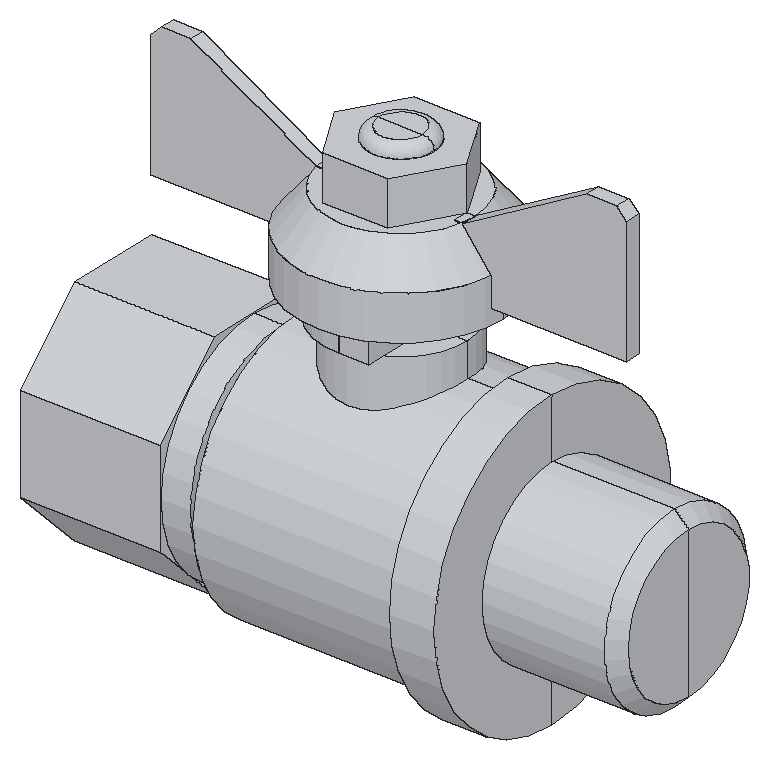
Revit family "PipeAccessories_BallValve_Brass_Eagle_Dura_Gas_ButterflyHandle_15-20mm", category Pipe Accessories, Revit 2019
Family settings
  Round Connector Dimension = Use Radius
  Part Type = Valve - Breaks Into
  OmniClass Number = 23.65.55.17.17
  OmniClass Title = Adjusting/Controlling Valves for Gas Supplies
  Work Plane-Based = No
  Always vertical = Yes
  Cut with Voids When Loaded = No
  Shared = No
Parameters (values of type "Eagle_B-Handle_M-F_20mm")
  Z = SW / 2  # 15.750 mm
  Y = 9.000 mm
  WaterTreatmentSystemOperating [instance] = yes
  WaterLevelsSet [instance] = yes
  Uniformat IIElements = "TBC"
  URL = "www.reece.com.au"
  Type Comments = "Dura's range of valves ensure you have the right valve for the right application.\r\nProducts range from ball valves and gate valves all the way to butterfly and mechanical valves to ensure you have the solution to meet your specification requirements."
  StatutoryRegistrationsAndLabelsComplete [instance] = yes
  SerialNumber [instance] = ""
  SW = 31.500 mm
  R1 = R + 2.000 mm  # 12.000 mm
  R = D / 2  # 10.000 mm
  ProductCode = "9502873"
  OmniclassProducts = "TBC"
  NATSPECWorkSection = "TBC"
  Model Version = "2013-03"
  Model Status [instance] = ""
  Model Specification = "BMA"
  Model = "Eagle_B-Handle_M-F_20mm"
  Description = "Suitable for natural gas, simulated gas, town gas, tempered liquified petroleum gas and liquefied petroeum gas applicataions."
  BodyMaterial = none
  Mark [instance] = ""
  Manufacturer = "Reece"
  M_F = yes
  L = 64.500 mm
  FinalHHWFlow [instance] = 0.0 L/s
  F_F = no
  E = 18.500 mm
  D = 20.000 mm
  CommissioningEngineer [instance] = ""
  CommissioningDate [instance] = ""
  C = 19.000 mm
  B = 47.500 mm
  Assembly Code = "D2090800"
  A-C*2 = A - C * 2  # 40.000 mm
  A = 78.000 mm
Types (4, lengths in mm): name | Z | Y | SW | R1 | R | ProductCode | Model | M_F | L | F_F | E | D | C | B | A-C*2 | A
  Eagle_B-Handle_M-F_15mm | 12.600 | 8.000 | 25.200 | 9.500 | 7.500 | "9502872" | "Eagle_B-Handle_F-F_15mm" | yes | 56.500 | no | 16.500 | 15.000 | 14.500 | 41.500 | 39.500 | 68.500
  Eagle_B-Handle_M-F_20mm | 15.750 | 9.000 | 31.500 | 12.000 | 10.000 | "9502873" | "Eagle_B-Handle_M-F_20mm" | yes | 64.500 | no | 18.500 | 20.000 | 19.000 | 47.500 | 40.000 | 78.000
  Eagle_B-Handle_F-F_15mm | 12.600 | 8.000 | 25.200 | 9.500 | 7.500 | "9502870" | "Eagle_B-Handle_F-F_15mm" | no | 56.500 | yes | 16.500 | 15.000 | 14.500 | 41.500 | 31.000 | 60.000
  Eagle_B-Handle_F-F_20mm | 15.750 | 9.000 | 31.500 | 12.000 | 10.000 | "9502871" | "Eagle_B-Handle_F-F_20mm" | no | 64.500 | yes | 18.500 | 20.000 | 19.000 | 47.500 | 30.000 | 68.000
Reference planes
  plane 1 "Center (Front/Back)": y = 0
  plane 2: z = 0
  plane 3 "Center (Left/Right)": x = 0
  plane 4 "RHS": x = 39
  plane 5 "LHS": x = -39
Forms (mm)
  Extrusion 1, solid, material <- "BodyMaterial", detail levels fine
    sketch origin (46.25, 0, 0) x (0, 1, 0) y (0, 0, 1)
      loop
        line (15.75, 6.524) -> (6.524, 15.75) -> (-6.524, 15.75) -> (-15.75, 6.524) -> (-15.75, -6.524) -> (-6.524, -15.75) -> (6.524, -15.75) -> (15.75, -6.524) -> (15.75, 6.524)
    from -66.25 to -85.25
  Revolve 2, solid, material <- "BodyMaterial", visible <- "M_F", detail levels fine
    sketch origin (-301.357, 0, -275.879) x (1, 0, 0) y (0, 0, 1)
      loop
        line (321.857, 287.879) -> (321.857, 275.879) -> (340.357, 275.879) -> (340.357, 286.04) -> (338.518, 287.879) -> (321.857, 287.879)
      axis (340.357, 275.879) -> (321.857, 275.879)
    angle from 0 to 360
  Revolve 3, solid, material <- "BodyMaterial", visible <- "M_F", detail levels fine
    sketch origin (0, 0, 0) x (1, 0, 0) y (0, 0, 1)
      loop
        line (-16, 15.75) -> (-20, 15.75) -> (-20, 0) -> (-16, 0) -> (20.5, 0) -> (20.5, 20) -> (14.5, 20) -> (14.5, 18) -> (-13.75, 18) -> (-16, 15.75)
      axis (-20, 0) -> (20.5, 0)
    angle from 0 to 360
  Revolve 4, solid, material <- "BodyMaterial", detail levels fine
    sketch origin (-301.982, 0, -276.17) x (1, 0, 0) y (0, 0, 1)
      loop
        line (292.982, 280.67) -> (301.982, 280.67) -> (301.982, 321.67) -> (298.982, 321.67)
        arc (298.982, 321.67) -> (297.921, 321.231) -> (297.482, 320.17) r 1.5
        line (297.482, 320.17) -> (297.482, 298.67) -> (292.982, 298.67) -> (292.982, 280.67)
      axis (301.982, 280.67) -> (301.982, 321.67)
    angle from 0 to 360
  Revolve 5, solid, material <- "BodyMaterial", detail levels fine
    sketch origin (0, 0, 0) x (1, 0, 0) y (0, 0, 1)
      loop
        line (0, 38) -> (-10, 38) -> (-14, 33) -> (-14, 27) -> (0, 27) -> (0, 38)
      axis (0, 27) -> (0, 38)
    angle from 0 to 360
  Revolve 6, solid, material <- "BodyMaterial", detail levels fine
    sketch origin (0, 0, 0) x (-1, 0, 0) y (0, 0, -1)
      loop
        line (-10.5, -27) -> (0, -27) -> (0, -22.5) -> (-10.5, -22.5) -> (-10.5, -27)
      axis (0, -22.5) -> (0, -27)
    angle from 90 to 270
  Extrusion 7, solid, material <- "BodyMaterial", detail levels fine
    sketch origin (0, 0.5, 0) x (1, 0, 0) y (0, 0, 1)
      loop
        line (4, 22.5) -> (4, 27) -> (0, 27) -> (0, 22.5) -> (4, 22.5)
    from 0 to 11
  Extrusion 8, solid, material <- "BodyMaterial", detail levels fine
    sketch origin (0, 0, 0) x (1, 0, 0) y (0, 0, 1)
      loop
        line (-8.916, 38.029) -> (-10, 38.029) -> (-26.836, 47.5) -> (-30.836, 47.5) -> (-32.25, 46.086) -> (-32.25, 29.086) -> (-8.916, 29.086) -> (-8.916, 38.029)
    from 0 to 2
  Extrusion 9, solid, material <- "BodyMaterial", detail levels fine
    sketch origin (0, 0, 0) x (-1, 0, 0) y (0, 0, -1)
      loop
        line (-8.916, -38.029) -> (-8.916, -29.086) -> (-32.25, -29.086) -> (-32.25, -46.086) -> (-30.836, -47.5) -> (-26.836, -47.5) -> (-10, -38.029) -> (-8.916, -38.029)
    from 0 to 2
  Extrusion 10, solid, material <- "BodyMaterial", detail levels fine
    sketch origin (0, 0, 38) x (0, -1, 0) y (1, 0, 0)
      loop
        line (0, 8.916) -> (-7.722, 4.458) -> (-7.722, -4.458) -> (0, -8.916) -> (7.722, -4.458) -> (7.722, 4.458) -> (0, 8.916)
    from 0 to 6
  Extrusion 11, solid, material <- "BodyMaterial", visible <- "F_F", detail levels fine
    sketch origin (107.689, 0, 0) x (0, 1, 0) y (0, 0, 1)
      loop
        line (15.75, 6.524) -> (6.524, 15.75) -> (-6.524, 15.75) -> (-15.75, 6.524) -> (-15.75, -6.524) -> (-6.524, -15.75) -> (6.524, -15.75) -> (15.75, -6.524) -> (15.75, 6.524)
    from -68.689 to -87.689
  Revolve 12, solid, material <- "BodyMaterial", visible <- "F_F", detail levels fine
    sketch origin (0, 0, 0) x (1, 0, 0) y (0, 0, 1)
      loop
        line (-16, 15.75) -> (-20, 15.75) -> (-20, 0) -> (-16, 0) -> (20, 0) -> (20, 20) -> (14, 20) -> (14, 18) -> (-13.75, 18) -> (-16, 15.75)
      axis (-20, 0) -> (20, 0)
    angle from 0 to 360
Dimensions and locks
  "SW": Extrusion 1 sketch curve to Extrusion 1 sketch curve  (x4)
  equal spacing: Extrusion 1 sketch curve, plane 1 "Center (Front/Back)", Extrusion 1 sketch curve  (x4)
  "C": Extrusion 1 to Extrusion 1
  locked: Revolve 2 sketch curve to Revolve 2 sketch curve at 1.839  (x2)
  "E": Revolve 2 sketch curve to Revolve 2 sketch curve
  "A": Extrusion 1 to Revolve 2
  equal spacing: Extrusion 1, plane 3 "Center (Left/Right)", Revolve 2
  "R1": Revolve 2 sketch curve to Revolve 2 sketch curve
  "Z": Revolve 3 sketch curve to Revolve 3 sketch curve
  locked: Revolve 3 sketch curve to Revolve 3 sketch curve at 2.25
  locked: Revolve 3 sketch curve to Revolve 3 sketch curve at 2
  "Y": Revolve 4 sketch curve to Revolve 4 sketch curve
  "B": Extrusion 9 to level
  "B": Extrusion 8 to level
  equal spacing: Extrusion 8, plane 3 "Center (Left/Right)", Extrusion 9
  "L": Extrusion 8 to Extrusion 9
  locked: Extrusion 9 to Revolve 5 at 9.5
  locked: Revolve 5 to Revolve 4 at 4.5
  locked: Extrusion 10 to Revolve 5 at 6
  "SW": Extrusion 11 sketch curve to Extrusion 11 sketch curve  (x4)
  equal spacing: Extrusion 11 sketch curve, plane 1 "Center (Front/Back)", Extrusion 11 sketch curve  (x4)
  equal spacing: Extrusion 1, plane 3 "Center (Left/Right)", Extrusion 11
  "C": Extrusion 11 to Extrusion 11
  locked: Revolve 3 sketch curve to Revolve 3 sketch curve at 6
  "Z": Revolve 12 sketch curve to Revolve 12 sketch curve
  locked: Revolve 12 sketch curve to Revolve 12 sketch curve at 2.25
  locked: Revolve 12 sketch curve to Revolve 12 sketch curve at 2
  locked: Revolve 12 sketch curve to Revolve 12 sketch curve at 6
  equal spacing: plane 5 "LHS", plane 3 "Center (Left/Right)", plane 4 "RHS"
  "A": plane 5 "LHS" to plane 4 "RHS"
  level to Extrusion 7 = 22.500 mm
  angle Extrusion 1 sketch curve to Extrusion 1 sketch curve = 135.00°  (x8)
  angle Extrusion 11 sketch curve to Extrusion 11 sketch curve = 135.00°  (x8)
  aligned and locked: level to plane 2
  aligned and locked: Revolve 3 to Revolve 2
  aligned and locked: Revolve 3 to Extrusion 1
  aligned and locked: plane 3 "Center (Left/Right)" to Revolve 5 sketch curve
  aligned and locked: Revolve 6 to Revolve 5
  aligned and locked: Extrusion 7 to Revolve 5
  aligned and locked: Revolve 5 to Extrusion 10
  aligned and locked: Extrusion 1 to Revolve 12
  aligned and locked: Revolve 12 to Extrusion 11
  aligned and locked: level to Revolve 2 sketch curve
  aligned and locked: plane 3 "Center (Left/Right)" to nested 1
  aligned and locked: plane 1 "Center (Front/Back)" to nested 1
Automatic sketch dimensions
  Revolve 5 sketch curve to plane 3 "Center (Left/Right)" = 0.000 mm
  Revolve 5 sketch curve to Revolve 5 sketch curve = 10.000 mm
  Revolve 5 sketch curve to Revolve 5 sketch curve = 4.000 mm
  level to Revolve 5 sketch curve = 27.000 mm
  Revolve 5 sketch curve to Revolve 5 sketch curve = 6.000 mm
  Revolve 5 sketch curve to Revolve 5 sketch curve = 5.000 mm
  Revolve 5 sketch curve to Revolve 5 sketch curve = 13.284 mm
  Revolve 5 sketch curve to Revolve 5 sketch curve = 25.983 mm
  Revolve 6 sketch curve to plane 3 "Center (Left/Right)" = 0.000 mm  (x2)
  plane 3 "Center (Left/Right)" to Revolve 6 sketch curve = 10.500 mm
  level to Revolve 6 sketch curve = 30.489 mm
  Revolve 6 sketch curve to Revolve 6 sketch curve = 3.489 mm
  Revolve 6 sketch curve to Revolve 6 sketch curve = 4.500 mm
  Revolve 6 sketch curve to Revolve 6 sketch curve = 2.651 mm
  Extrusion 7 sketch curve to plane 3 "Center (Left/Right)" = 0.000 mm
  plane 3 "Center (Left/Right)" to Extrusion 7 sketch curve = 4.000 mm
  level to Extrusion 7 sketch curve = 22.500 mm
  Extrusion 7 sketch curve to Extrusion 7 sketch curve = 4.500 mm
  Extrusion 8 sketch curve to plane 3 "Center (Left/Right)" = 32.250 mm
  Extrusion 8 sketch curve to Extrusion 8 sketch curve = 1.414 mm  (x2)
  Extrusion 8 sketch curve to Extrusion 8 sketch curve = 4.000 mm
  Extrusion 8 sketch curve to plane 3 "Center (Left/Right)" = 10.000 mm
  Extrusion 8 sketch curve to Extrusion 8 sketch curve = 1.084 mm
  level to Extrusion 8 sketch curve = 29.086 mm
  Extrusion 8 sketch curve to Extrusion 8 sketch curve = 8.943 mm
  Extrusion 8 sketch curve to Extrusion 8 sketch curve = 17.000 mm
  Extrusion 9 sketch curve to plane 3 "Center (Left/Right)" = 32.250 mm
  Extrusion 9 sketch curve to Extrusion 9 sketch curve = 1.414 mm  (x2)
  Extrusion 9 sketch curve to Extrusion 9 sketch curve = 4.000 mm
  Extrusion 9 sketch curve to plane 3 "Center (Left/Right)" = 10.000 mm
  Extrusion 9 sketch curve to Extrusion 9 sketch curve = 1.084 mm
  Extrusion 9 sketch curve to level = 29.086 mm
  Extrusion 9 sketch curve to Extrusion 9 sketch curve = 8.943 mm
  Extrusion 9 sketch curve to Extrusion 9 sketch curve = 17.000 mm
  plane 1 "Center (Front/Back)" to Extrusion 10 sketch curve = 0.000 mm  (x2)
  Extrusion 10 sketch curve to plane 1 "Center (Front/Back)" = 7.722 mm
  plane 1 "Center (Front/Back)" to Extrusion 10 sketch curve = 7.722 mm
  Extrusion 10 sketch curve to plane 3 "Center (Left/Right)" = 8.916 mm
  Extrusion 10 sketch curve to plane 3 "Center (Left/Right)" = 4.458 mm  (x2)
  plane 3 "Center (Left/Right)" to Extrusion 10 sketch curve = 4.458 mm  (x2)
  Extrusion 10 sketch curve to Extrusion 10 sketch curve = 4.458 mm
  Revolve 2 sketch curve to level = 0.000 mm
  Revolve 2 sketch curve to plane 4 "RHS" = 0.000 mm
  plane 3 "Center (Left/Right)" to Revolve 2 sketch curve = 5.864 mm
  Revolve 2 sketch curve to Revolve 2 sketch curve = 30.000 mm
  Revolve 3 sketch curve to level = 0.000 mm  (x2)
  plane 5 "LHS" to Revolve 3 sketch curve = 19.000 mm
  Revolve 3 sketch curve to Revolve 3 sketch curve = 4.000 mm  (x2)
  Revolve 3 sketch curve to Revolve 3 sketch curve = 2.250 mm
  plane 3 "Center (Left/Right)" to Revolve 3 sketch curve = 14.500 mm
  Revolve 3 sketch curve to Revolve 3 sketch curve = 1.323 mm
  plane 4 "RHS" to Revolve 3 sketch curve = 8.101 mm
  Revolve 4 sketch curve to plane 3 "Center (Left/Right)" = 0.000 mm  (x2)
  Revolve 4 sketch curve to plane 3 "Center (Left/Right)" = 4.500 mm
  Revolve 4 sketch curve to Revolve 4 sketch curve = 1.500 mm
  level to Revolve 4 sketch curve = 4.500 mm
  Revolve 4 sketch curve to Revolve 4 sketch curve = 18.000 mm
  Revolve 4 sketch curve to Revolve 4 sketch curve = 21.500 mm
  Revolve 4 sketch curve to Revolve 4 sketch curve = 4.242 mm
  Revolve 4 sketch curve to Revolve 4 sketch curve = 3.482 mm
  Revolve 12 sketch curve to level = 0.000 mm  (x2)
  plane 5 "LHS" to Revolve 12 sketch curve = 19.000 mm
  Revolve 12 sketch curve to Revolve 12 sketch curve = 4.000 mm  (x2)
  Revolve 12 sketch curve to Revolve 12 sketch curve = 2.250 mm
  plane 3 "Center (Left/Right)" to Revolve 12 sketch curve = 14.000 mm
  Revolve 12 sketch curve to Revolve 12 sketch curve = 1.323 mm
  plane 4 "RHS" to Revolve 12 sketch curve = 8.101 mm
Nested families
  nested 1: "Ball_Valve_S" at (0, 0, 0), type "Ball_Valve_S", detail levels coarse+medium
Connectors
  piping at (39, 0, 0), diameter 20, driven by "R"
    settings: on Revolve 2, index 1, connector inside diameter 15 mm, connector length 0.000 mm, flow factor 0, pipe flow 0.0 L/s, pressure drop 0.0 Pa, fitting loss kfactor 0, connector angle 0.00°, fixture units 0, engagement length 0.000 mm, angle of deflection 0.00°, flow configuration 0, flow direction 0, fitting loss method 2, system type 28, joint type 0, gender type 0, connector reference index 2, connector utility 0, adjustable connector no, is connector primary no, connector description ""
  piping at (-39, 0, 0), diameter 20, driven by "R"
    settings: on Extrusion 1, index 2, connector inside diameter 15 mm, connector length 0.000 mm, flow factor 0, pipe flow 0.0 L/s, pressure drop 0.0 Pa, fitting loss kfactor 0, connector angle 0.00°, fixture units 0, engagement length 0.000 mm, angle of deflection 0.00°, flow configuration 0, flow direction 0, fitting loss method 2, system type 28, joint type 0, gender type 0, connector reference index 1, connector utility 0, adjustable connector no, is connector primary yes, connector description ""
Definition of nested family "Ball_Valve_S"
  Parameters
    SymbolWidth = 8.000 mm
    Shaft Length = Length / 2  # 22.500 mm
    R = SymbolWidth / 2  # 4.000 mm
    Length = 45.000 mm
    A = (SymbolWidth / 2) + 25.000 mm  # 29.000 mm
  Reference planes
    plane 1 "Center (Front/Back)": y = 0
    plane 2: z = 0
    plane 3 "Center (Left/Right)": x = 0
  Lines and regions (mm)
    model lines
      curve 1: line (-22.5, 4, 0) -> (-22.5, -4, 0)
      curve 2: line (22.5, 4, 0) -> (22.5, -4, 0)
      curve 3: circle (0, 0, 0) r 4 normal (0, 0, 1)
      curve 4: line (0, 4, 0) -> (0, 29, 0)
      curve 5: line (0, 29, 0) -> (22.5, 29, 0)
  Dimensions and locks
    "SymbolWidth": curve 2 to curve 2
    "SymbolWidth": curve 1 to curve 1
    equal spacing: curve 2, plane 1 "Center (Front/Back)", curve 2
    equal spacing: curve 1, plane 1 "Center (Front/Back)", curve 1
    equal spacing: curve 1, curve 4, curve 2
    "Length": curve 1 to curve 2
    "A": plane 1 "Center (Front/Back)" to curve 5
    "Shaft Length": plane 3 "Center (Left/Right)" to curve 5
    "R": radius of curve 3
    aligned and locked: level to plane 2
  Automatic sketch dimensions
    curve 5 to plane 3 "Center (Left/Right)" = 0.000 mm
    plane 1 "Center (Front/Back)" to curve 3 = 0.000 mm
    curve 3 to plane 3 "Center (Left/Right)" = 0.000 mm
